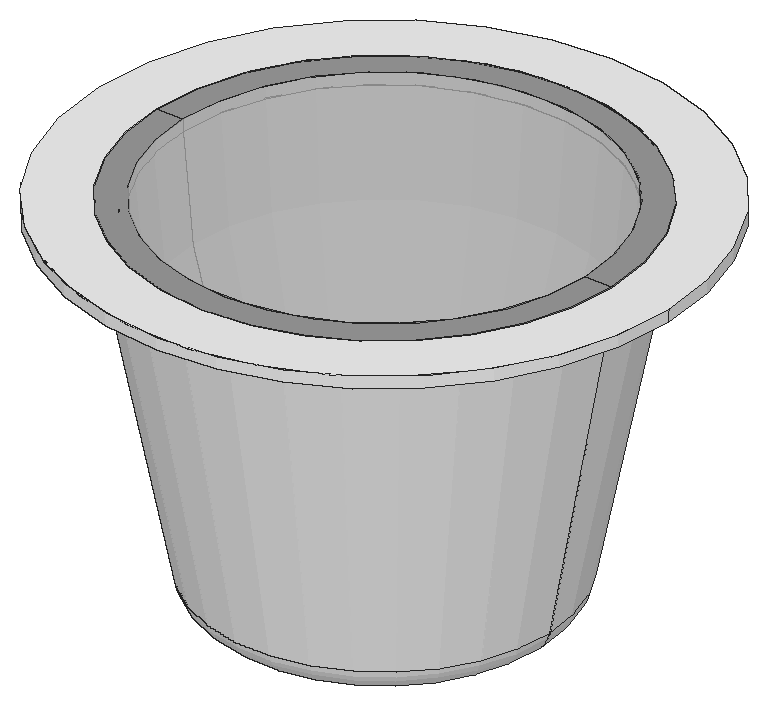
Revit family "2060516 Sylvania Lighting Fixture ASCENT100 II ARCH 900 4K STD EMG 120", category Lighting Fixtures, host Face, Revit 2016
Family settings
  Host = Face
  Part Type = Normal
  Round Connector Dimension = Use Diameter
  OmniClass Number = 23.80.70.11.17
  OmniClass Title = Specialized Lighting by Location or Use
  Cut with Voids When Loaded = No
  Light Source = Yes
  Shared = No
  Room Calculation Point = No
Parameters (values of type "2060516 ASCT100 II ARCH 900 4K STD EMG 120 Emergency mode")
  Weight = "1.43 kg"
  WarrantyStartDate [instance] = "n/a"
  WarrantyGuarantorParts = "n/a"
  WarrantyDurationUnit = "n/a"
  WarrantyDurationParts = "n/a"
  WarrantyDescription = "n/a"
  Voltage = 0 V
  TypeName = "ASCT100 II ARCH 900 4K STD EMG 120 Emergency mode"
  SerialNumber [instance] = "n/a"
  ReflectorRadius_SYL = Radius_SYL - 15.0 mm  # 60.0 mm
  PowerFactor = 0
  PowerConsumption = "10 W"
  NominalWidth = 0.0 mm
  NominalLength = 0.0 mm
  NominalHeight = 94.0 mm
  Name = "ASCT100 II ARCH 900 4K STD EMG 120 Emergency mode"
  ModelReference = "ASCT100 II ARCH 900 4K STD EMG 120 Emergency mode"
  ModelNumber = "2060516"
  Material_4_SYL = Aluminium_Sylvania_Ascent_Silver
  Radius_SYL = 75.0 mm
  Wattage = 1.83871 W
  built-in parameter 1150110 = 1 (stored number, unit not read)
  URL = "http://www.sylvania-lighting.com"
  built-in parameter 1114217 = 1 (stored number, unit not read)
  Tilt Angle = -90°
  built-in parameter 1150109 = 1 (stored number, unit not read)
  built-in parameter 1150134 = 12
  built-in parameter 1150113 = 1 (stored number, unit not read)
  Photometric Web File = "2060516EM.ies"
  Material = "aluminium housing, acrylic diffuser"
  ManufacturerName = "Feilo Sylvania"
  LuminousEfficacy = "93 lm/W"
  LuminaireType = ""
  LightOutputRatio = "100"
  LampsType = Lamp  # "LED"
  LampNominalLuminous = "931 lm"
  LampMacAdamStep = "n/a"
  LampColourTemperature = "4000 K"
  LampColourRenderingIndex = "80"
  Keynote = "16500"
  InstallationDate [instance] = "n/a"
  InputVoltage = "n/a"
  InputNominalFrequency = "n/a"
  IngressProtection = "IP40"
  ImpactProtectionIndex = "IK02"
  IfcExportType = "IfcLightFixtureType"
  IfcExportAs = "IfcLightFixtureType"
  Height_SYL = 94.0 mm
  ExpectedLife = 50000
  Emit from Circle Diameter = 2 * DiffuserRadius_SYL  # 106.0 mm
  Emit Shape Visible in Rendering = no
  ElectricShockClassification = "Class II"
  DurationUnit = "hours"
  DocumentationLiterature = "http://www.sylvania-lighting.com/product/en-int/products/2060516"
  DimmingControlOptions = "n/a"
  DiffuserRadius_SYL = ReflectorRadius_SYL - 7.0 mm  # 53.0 mm
  Material_3_SYL = Polycarbonate_Sylvania_Ascent_Clear
  Diameter_SYL = 2 * Radius_SYL  # 150.0 mm
  CutoutDiameter_SYL = Diameter_SYL - 13.0 mm  # 137.0 mm
  CreatedOn = "9/17/2018"
  CreatedBy = "@sylvania-lighting.com"
  built-in parameter 1114216 [instance] = 1 (stored number, unit not read)
  Model = "ASCT100 II ARCH 900 4K STD EMG 120 Emergency mode"
  Manufacturer = "Feilo Sylvania"
  built-in parameter 1150105 = 13.608 (stored number, unit not read)
  Lumens = 171 lm
  built-in parameter 1150115 = 1 (stored number, unit not read)
  built-in parameter 1150137 = (empty or 0)
  built-in parameter 1150139 = (empty or 0)
  built-in parameter 1150112 = 1 (stored number, unit not read)
  built-in parameter 1150114 = 1 (stored number, unit not read)
  Lamp = "LED"
  built-in parameter 1150132 = 2
  built-in parameter 1150102 = (empty or 0)
  built-in parameter 1150107 = 4000 (stored number, unit not read)
  built-in parameter 1150138 = (empty or 0)
  built-in parameter 1150106 = 0.13608 (stored number, unit not read)
  Material_1_SYL = Aluminum_Sylvania_Ascent_White
  built-in parameter 1150104 = 8.64 (stored number, unit not read)
  Dimming Lamp Color Temperature Shift = <None>
  Description = "Direct LED retro fit for original LED 100 Arch (120) single CFL lamp offering Matching lumen levels and improved light distribution of original LED 100 CFL lamp equivalents Typically half the power consumption compared to CFL Up to 104lm/W 120mm aperture Architectural reflector accepts range of glass accessories from existing LED 100 Arch 120 offering HE, HO and VHO versions equivalent of single 1 x 13W, 1 x 18W, 1 x 26W Additional VVHO versions which offer the performance circa 2 x 26W equivalent"  # constant formula
  Default Elevation = 0.0 mm
  Color Filter = 16777215
  built-in parameter 1140040 [instance] = 1
  BarCode [instance] = "n/a"
  built-in parameter 1114218 = 1 (stored number, unit not read)
  built-in parameter 1150133 = 10 (stored number, unit not read)
  AssetType = "Fixed"
  AssetIdentifier [instance] = "n/a"
  Assembly Code = "D5020200"
  Apparent Load = 1.83871 VA
  Aperture_SYL = 2 * ReflectorRadius_SYL  # 120.0 mm
  Material_2_SYL = Aluminum_Sylvania_Ascent_White
Types (2, lengths in mm): name | TypeName | Name | ModelReference | Wattage | Photometric Web File | Model | built-in parameter 1150105 | Lumens | built-in parameter 1150106 | Apparent Load
  2060516 ASCT100 II ARCH 900 4K STD EMG 120 Emergency mode | "ASCT100 II ARCH 900 4K STD EMG 120 Emergency mode" | "ASCT100 II ARCH 900 4K STD EMG 120 Emergency mode" | "ASCT100 II ARCH 900 4K STD EMG 120 Emergency mode" | 1.83871 W | "2060516EM.ies" | "ASCT100 II ARCH 900 4K STD EMG 120 Emergency mode" | 13.608 (stored number, unit not read) | 171 lm | 0.13608 (stored number, unit not read) | 1.83871 VA
  2060516 ASCT100 II ARCH 900 4K STD EMG 120 | "ASCENT100 II ARCH 900 4K STD EMG 120" | "ASCENT100 II ARCH 900 4K STD EMG 120" | "ASCENT100 II ARCH 900 4K STD EMG 120" | 10 W | "2060516.ies" | "ASCENT100 II ARCH 900 4K STD EMG 120" | 74.007 (stored number, unit not read) | 930 lm | 0.74007 (stored number, unit not read) | 10 VA
Reference planes
  plane 1 "Center (Front/Back)": y = 0
  plane 2: z = 0
  plane 3 "Center (Left/Right)": x = 0
  plane 4 "Fixture Bottom": z = 3
  plane 5: z = -52.5
  plane 6 "Fixture Top": z = -91
Forms (mm)
  Extrusion 1, solid, material "Aluminum_Sylvania_Ascent_White" <- "Material_2_SYL", detail levels fine
    sketch origin (0, 0, 0) x (1, 0, 0) y (0, 1, 0)
      loop
        circle (0, 0) r 75
      loop
        circle (0, 0) r 60
    from 0 to 3
  Extrusion 2, void
    sketch origin (0, 0, 0) x (1, 0, 0) y (0, 1, 0)
      loop
        circle (0, 0) r 68.5
    from -91 to 3
  Revolve 3, solid, material "Aluminum_Sylvania_Ascent_White" <- "Material_1_SYL", detail levels fine
    sketch origin (0, 0, 0) x (1, 0, 0) y (0, 0, 1)
      loop
        line (0, -91.073) -> (0, -89.023) -> (-35.468, -89.014)
        arc (-35.468, -89.014) -> (-39.352, -87.613) -> (-41.54, -84.139) r 6.307
        line (-41.54, -84.139) -> (-57.991, -2.844) -> (-57.991, 0) -> (-60, 0) -> (-60, -3) -> (-43.5, -84.536)
        arc (-43.5, -84.536) -> (-40.643, -89.203) -> (-35.5, -91.073) r 8.291
        line (-35.5, -91.073) -> (0, -91.073)
      axis (0, 0) -> (0, -91.073)
    angle from 0 to 360
  Revolve 4, solid, material "Aluminium_Sylvania_Ascent_Silver" <- "Material_4_SYL", detail levels fine
    sketch origin (0, 0, 0) x (1, 0, 0) y (0, 0, 1)
      loop
        line (-60, 3) -> (-60, 0) -> (-55, 0)
        arc (-55, 0) -> (-52.349, -26.77) -> (-44.5, -52.5) r 136.5
        line (-44.5, -52.5) -> (-38, -52.5)
        arc (-38, -52.5) -> (-36.857, -61.521) -> (-33.5, -69.971) r 36.166
        line (-33.5, -69.971) -> (0, -69.971) -> (0, -50.5) -> (-43.16, -50.5)
        arc (-43.16, -50.5) -> (-50.517, -25.725) -> (-53, 0) r 134.5
        line (-53, 0) -> (-53, 3) -> (-60, 3)
      axis (0, 3) -> (0, -69.971)
    angle from 0 to 360
  Extrusion 5, solid, material "Polycarbonate_Sylvania_Ascent_Clear" <- "Material_3_SYL", detail levels fine
    sketch origin (0, 0, 0) x (1, 0, 0) y (0, 1, 0)
      loop
        circle (0, 0) r 53
    from 0 to 3
  Revolve 6, solid, material "Aluminum_Sylvania_Ascent_White" <- "Material_2_SYL", detail levels coarse+medium
    sketch origin (0, 0, 0) x (1, 0, 0) y (0, 0, 1)
      loop
        line (0, -91.073) -> (0, 3) -> (-75, 3) -> (-75, 0) -> (-60, 0) -> (-60, -3) -> (-43.5, -84.536)
        arc (-43.5, -84.536) -> (-40.643, -89.203) -> (-35.5, -91.073) r 8.291
        line (-35.5, -91.073) -> (0, -91.073)
      axis (0, 3) -> (0, -91.073)
    angle from 0 to 360
Dimensions and locks
  locked: plane 4 "Fixture Bottom" to plane 2 at 3
  "Height_SYL": plane 4 "Fixture Bottom" to plane 6 "Fixture Top"
  "ReflectorRadius_SYL": plane 3 "Center (Left/Right)" to Revolve 4 sketch curve
  locked: Revolve 4 sketch curve to Revolve 4 sketch curve at 15.5
  locked: Revolve 4 sketch curve to Revolve 4 sketch curve at 5
  locked: Revolve 4 sketch curve to Revolve 4 sketch curve at 7
  locked: Revolve 4 sketch curve to Revolve 4 sketch curve at 22
  locked: Revolve 4 sketch curve to Revolve 4 sketch curve at 26.5
  locked: Revolve 3 sketch curve to Revolve 3 sketch curve at 16.5
  locked: Revolve 3 sketch curve to Revolve 3 sketch curve at 24.5
  "ReflectorRadius_SYL": Revolve 3 sketch curve to plane 3 "Center (Left/Right)"
  locked: Revolve 3 sketch curve to plane 6 "Fixture Top" at 6.464
  locked: plane 2 to Revolve 3 sketch curve at 3
  locked: Revolve 3 sketch curve to Revolve 3 sketch curve at 2
  locked: Revolve 3 sketch curve to Revolve 3 sketch curve at 2.009
  locked: plane 2 to plane 5 at 52.5
  locked: Revolve 6 sketch curve to Revolve 6 sketch curve at 31.5
  locked: Revolve 6 sketch curve to Revolve 6 sketch curve at 39.5
  locked: Revolve 6 sketch curve to Revolve 6 sketch curve at 15
  "Radius_SYL": plane 3 "Center (Left/Right)" to Revolve 6 sketch curve
  "CutoutDiameter_SYL": diameter of Extrusion 2 sketch curve
  "ReflectorRadius_SYL": radius of Extrusion 1 sketch curve
  "DiffuserRadius_SYL": radius of Extrusion 5 sketch curve
  "Radius_SYL": radius of Extrusion 1 sketch curve
  aligned and locked: host face to plane 2
  aligned and locked: host face to level
  aligned and locked: plane 1 "Center (Front/Back)" to imposter light
  aligned and locked: plane 3 "Center (Left/Right)" to imposter light
  aligned and locked: plane 4 "Fixture Bottom" to Extrusion 1
  aligned and locked: Extrusion 1 to plane 2
  aligned and locked: Revolve 3 sketch curve to plane 3 "Center (Left/Right)"
  aligned and locked: Revolve 4 sketch curve to plane 3 "Center (Left/Right)"  (x2)
  aligned and locked: plane 4 "Fixture Bottom" to Revolve 4 sketch curve
  aligned and locked: Revolve 3 sketch curve to imposter light
  aligned and locked: Extrusion 5 to plane 2
  aligned and locked: imposter light to Extrusion 5
  aligned and locked: plane 2 to Revolve 3 sketch curve  (x2)
  aligned and locked: Revolve 6 sketch curve to imposter light
  aligned and locked: Revolve 6 sketch curve to plane 3 "Center (Left/Right)"
  aligned and locked: plane 6 "Fixture Top" to Extrusion 2
  aligned and locked: imposter light to Extrusion 2
  aligned and locked: imposter light to plane 4 "Fixture Bottom"
Automatic sketch dimensions
  plane 1 "Center (Front/Back)" to Extrusion 2 sketch curve = 0.0 mm
  Extrusion 2 sketch curve to plane 3 "Center (Left/Right)" = 0.0 mm
  Extrusion 1 sketch curve to Extrusion 1 sketch curve = 0.0 mm  (x2)
  plane 1 "Center (Front/Back)" to Extrusion 1 sketch curve = 0.0 mm
  Extrusion 1 sketch curve to plane 3 "Center (Left/Right)" = 0.0 mm
  plane 6 "Fixture Top" to Revolve 3 sketch curve = 0.073 mm
  Revolve 3 sketch curve to plane 6 "Fixture Top" = 6.861 mm
  Revolve 3 sketch curve to Revolve 3 sketch curve = 0.003 mm
  Revolve 3 sketch curve to Revolve 3 sketch curve = 0.009 mm  (x2)
  Revolve 3 sketch curve to Revolve 3 sketch curve = 0.023 mm
  Revolve 3 sketch curve to Revolve 3 sketch curve = 0.072 mm
  Revolve 3 sketch curve to Revolve 3 sketch curve = 0.008 mm
  Revolve 3 sketch curve to plane 6 "Fixture Top" = 1.977 mm
  Revolve 3 sketch curve to Revolve 3 sketch curve = 33.496 mm
  Revolve 3 sketch curve to Revolve 3 sketch curve = 0.028 mm
  plane 4 "Fixture Bottom" to Revolve 3 sketch curve = 82.431 mm
  Revolve 4 sketch curve to Revolve 4 sketch curve = 0.0 mm  (x2)
  Revolve 4 sketch curve to plane 5 = 0.0 mm
  Revolve 4 sketch curve to level = 0.0 mm
  plane 5 to Revolve 4 sketch curve = 2.0 mm
  plane 4 "Fixture Bottom" to Revolve 4 sketch curve = 9.642 mm
  plane 1 "Center (Front/Back)" to Extrusion 5 sketch curve = 0.0 mm
  Extrusion 5 sketch curve to plane 3 "Center (Left/Right)" = 0.0 mm
  Revolve 4 sketch curve to level = 69.971 mm
  Revolve 4 sketch curve to Revolve 4 sketch curve = 2.387 mm
  Revolve 6 sketch curve to level = 0.0 mm
  Revolve 6 sketch curve to plane 3 "Center (Left/Right)" = 0.0 mm
  Revolve 6 sketch curve to Revolve 6 sketch curve = 8.104 mm
  Revolve 6 sketch curve to level = 3.0 mm
  Revolve 6 sketch curve to plane 6 "Fixture Top" = 6.464 mm
  plane 6 "Fixture Top" to Revolve 6 sketch curve = 0.073 mm
  Revolve 6 sketch curve to Revolve 6 sketch curve = 33.496 mm
  plane 4 "Fixture Bottom" to Revolve 6 sketch curve = 82.431 mm
  host sketch curve to host sketch curve = 1368.192 mm
  host sketch curve to host sketch curve = 1600.367 mm
Connectors
  electrical at (0, 0, -91.073), driven by "Apparent Load"
    settings: on Revolve 3, index 1, voltage 240 V, apparent load 0 VA, apparent load phase1 1.83871 VA, apparent load phase2 0 VA, apparent load phase3 0 VA, power factor 1, load classification "Lighting", number of poles 1, system type 31, power factor state 1, is connector primary yes, connector utility no, sub classification motor no, connector description ""
